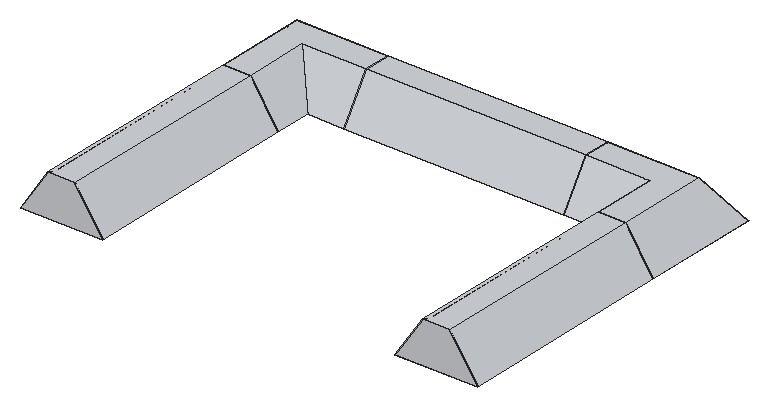
Revit family "BALANCE BEAM COMBO", category Furniture Systems, Revit 2019
Family settings
  Round Connector Dimension = Use Diameter
  Part Type = Normal
  Work Plane-Based = No
  Always vertical = Yes
  Cut with Voids When Loaded = No
  Shared = No
  Room Calculation Point = No
Parameters
  URL = "https://fomcore.com/"
  Model = "BALANCE BEAM COMBO"
  Manufacturer = "FOMCORE"
  Description = "Combo Products -BALANCE BEAM COMBO"
  Balance Beam-3_Side Fabric = none
  Balance Beam-3_Seat Fabric = none
  Balance Beam-2_Side Fabric = none
  Balance Beam-2_Seat Fabric = none
  Balance Beam-1_Side Fabric = none
  Balance Beam-1_Seat Fabric = none
  Balance Beam Corner-2_Side Fabric = none
  Balance Beam Corner-2_Seat Fabric = none
  Balance Beam Corner-1_Side Fabric = none
  Balance Beam Corner-1_Seat Fabric = none
  BALANCE BEAM CORNER = "FK042-26X26X9"
  BALANCE BEAM = "FK041-48X18X9"
Reference planes (in)
  plane 1 "Center F/B": y = 0
  plane 2: z = 0
  plane 3 "Center L/R": x = 0
  plane 4: y = 37
  plane 5: x = 50
  plane 6: x = -50
  plane 7: y = -37
Forms (in)
  Blend 1, solid, material <- "Balance Beam Corner-1_Seat Fabric"
    base sketch origin (-50, 24, 0) x (0.5547, 0, 0.83205) y (0, 1, 0)
      loop
        line (10.81665, 7) -> (0, 13) -> (0, -13) -> (10.81665, -13) -> (10.81665, 7)
    top sketch origin (-50, 24, 0) x (0.5547, 0, 0.83205) y (0, 1, 0)
      loop
        line (10.31665, -12.5) -> (10.31665, 6.70558) -> (0.5, 12.15088) -> (0.5, -12.5) -> (10.31665, -12.5)
    from 0 to -0.14902
  Blend 2, solid, material <- "Balance Beam Corner-1_Seat Fabric"
    base sketch origin (-32, 24, 0) x (-0.5547, 0, 0.83205) y (0, -1, 0)
      loop
        line (10.81665, 13) -> (0, 13) -> (0, 5) -> (10.81665, -1) -> (10.81665, 13)
    top sketch origin (-32, 24, 0) x (-0.5547, 0, 0.83205) y (0, -1, 0)
      loop
        line (10.31665, 12.5) -> (0.5, 12.5) -> (0.5, 5.29442) -> (10.31665, -0.15088) -> (10.31665, 12.5)
    from 0 to -0.14902
  Blend 3, solid, material <- "Balance Beam Corner-1_Seat Fabric"
    base sketch origin (-44, 24, 9) x (1, 0, 0) y (0, 1, 0)
      loop
        line (0, -13) -> (6, -13) -> (6, 1) -> (20, 1) -> (20, 7) -> (0, 7) -> (0, -13)
    top sketch origin (-44, 24, 9) x (1, 0, 0) y (0, 1, 0)
      loop
        line (0.5, -12.5) -> (5.5, -12.5) -> (5.5, 1.5) -> (19.5, 1.5) -> (19.5, 6.5) -> (0.5, 6.5) -> (0.5, -12.5)
    from 0 to -0.16101
  Blend 4, solid, material <- "Balance Beam Corner-1_Seat Fabric"
    base sketch origin (-37, 31, 9) x (0, 0.5547, -0.83205) y (-1, 0, 0)
      loop
        line (0, -13) -> (10.81665, -13) -> (10.81665, 13) -> (0, 7) -> (0, -13)
    top sketch origin (-37, 31, 9) x (0, 0.5547, -0.83205) y (-1, 0, 0)
      loop
        line (0.5, 6.70558) -> (0.5, -12.5) -> (10.31665, -12.5) -> (10.31665, 12.15088) -> (0.5, 6.70558)
    from 0 to -0.27328
  Blend 5, solid, material <- "Balance Beam Corner-1_Seat Fabric"
    base sketch origin (-37, 19, 0) x (0, 0.5547, 0.83205) y (-1, 0, 0)
      loop
        line (10.81665, -13) -> (10.81665, 1) -> (0, -5) -> (0, -13) -> (10.81665, -13)
    top sketch origin (-37, 19, 0) x (0, 0.5547, 0.83205) y (-1, 0, 0)
      loop
        line (10.31665, -12.5) -> (10.31665, 0.15088) -> (0.5, -5.29442) -> (0.5, -12.5) -> (10.31665, -12.5)
    from 0 to -0.31702
  Blend 6, solid, material <- "Balance Beam Corner-1_Side Fabric"
    base sketch origin (-24, 24, 0) x (0, 1, 0) y (0, 0, 1)
      loop
        line (7, 9) -> (1, 9) -> (-5, 0) -> (13, 0) -> (7, 9)
    top sketch origin (-24, 24, 0) x (0, 1, 0) y (0, 0, 1)
      loop
        line (6.73241, 8.5) -> (1.26759, 8.5) -> (-4.06574, 0.5) -> (12.06574, 0.5) -> (6.73241, 8.5)
    from 0 to -0.5
  Blend 7, solid, material <- "Balance Beam Corner-1_Side Fabric"
    base sketch origin (-37, 11, 0) x (1, 0, 0) y (0, 0, 1)
      loop
        line (-7, 9) -> (-13, 0) -> (5, 0) -> (-1, 9) -> (-7, 9)
    top sketch origin (-37, 11, 0) x (1, 0, 0) y (0, 0, 1)
      loop
        line (-1.26759, 8.5) -> (-6.73241, 8.5) -> (-12.06574, 0.5) -> (4.06574, 0.5) -> (-1.26759, 8.5)
    from 0 to -0.5
  Blend 8, solid, material <- "Balance Beam Corner-1_Seat Fabric"
    base sketch origin (-32, 24, 0) x (0, 1, 0) y (-1, 0, 0)
      loop
        line (-13, 0) -> (-5, 0) -> (-5, -8) -> (13, -8) -> (13, 18) -> (-13, 18) -> (-13, 0)
    top sketch origin (-32, 24, 0) x (0, 1, 0) y (-1, 0, 0)
      loop
        line (12.5, -7.5) -> (12.5, 17.5) -> (-12.5, 17.5) -> (-12.5, 0.5) -> (-4.5, 0.5) -> (-4.5, -7.5) -> (12.5, -7.5)
    from 0 to 0.26444
  Sweep 9, solid, material <- "Balance Beam-1_Seat Fabric"
    path origin (24, 28, 0) x (0, 1, 0) y (0, 0, 1)
      loop
        line (-9, 0) -> (9, 0) -> (3, 9) -> (-3, 9) -> (-9, 0)
    profile origin (24, 28, 0) x (0, 0, 1) y (1, 0, 0)
      loop
        line (0, 0) -> (0, -48) -> (0.5, -46.62626) -> (0.5, -1.37374) -> (0, 0)
  Blend 10, solid, material <- "Balance Beam-1_Side Fabric"
    base sketch origin (0, 28, 0) x (0, 1, 0) y (0, 0, 1)
      loop
        line (9, 0) -> (3, 9) -> (-3, 9) -> (-9, 0) -> (9, 0)
    top sketch origin (0, 28, 0) x (0, 1, 0) y (0, 0, 1)
      loop
        line (2.73241, 8.5) -> (-2.73241, 8.5) -> (-8.06574, 0.5) -> (8.06574, 0.5) -> (2.73241, 8.5)
    from 24 to 22.62626
  Blend 11, solid, material <- "Balance Beam-1_Side Fabric"
    base sketch origin (0, 28, 0) x (0, 1, 0) y (0, 0, 1)
      loop
        line (9, 0) -> (3, 9) -> (-3, 9) -> (-9, 0) -> (9, 0)
    top sketch origin (0, 28, 0) x (0, 1, 0) y (0, 0, 1)
      loop
        line (2.73241, 8.5) -> (-2.73241, 8.5) -> (-8.06574, 0.5) -> (8.06574, 0.5) -> (2.73241, 8.5)
    from -24 to -22.62626
  Blend 12, solid, material <- "Balance Beam Corner-2_Seat Fabric"
    base sketch origin (50, 24, 0) x (-0.5547, 0, 0.83205) y (0, -1, 0)
      loop
        line (10.81665, -7) -> (10.81665, 13) -> (0, 13) -> (0, -13) -> (10.81665, -7)
    top sketch origin (50, 24, 0) x (-0.5547, 0, 0.83205) y (0, -1, 0)
      loop
        line (10.31665, 12.5) -> (0.5, 12.5) -> (0.5, -12.15088) -> (10.31665, -6.70558) -> (10.31665, 12.5)
    from 0 to -0.14902
  Blend 13, solid, material <- "Balance Beam Corner-2_Seat Fabric"
    base sketch origin (32, 24, 0) x (0.5547, 0, 0.83205) y (0, 1, 0)
      loop
        line (10.81665, -13) -> (10.81665, 1) -> (0, -5) -> (0, -13) -> (10.81665, -13)
    top sketch origin (32, 24, 0) x (0.5547, 0, 0.83205) y (0, 1, 0)
      loop
        line (10.31665, -12.5) -> (10.31665, 0.15088) -> (0.5, -5.29442) -> (0.5, -12.5) -> (10.31665, -12.5)
    from 0 to -0.14902
  Blend 14, solid, material <- "Balance Beam Corner-2_Seat Fabric"
    base sketch origin (44, 24, 9) x (-1, 0, 0) y (0, -1, 0)
      loop
        line (0, 13) -> (0, -7) -> (20, -7) -> (20, -1) -> (6, -1) -> (6, 13) -> (0, 13)
    top sketch origin (44, 24, 9) x (-1, 0, 0) y (0, -1, 0)
      loop
        line (0.5, 12.5) -> (0.5, -6.5) -> (19.5, -6.5) -> (19.5, -1.5) -> (5.5, -1.5) -> (5.5, 12.5) -> (0.5, 12.5)
    from 0 to -0.16101
  Blend 15, solid, material <- "Balance Beam Corner-2_Seat Fabric"
    base sketch origin (37, 31, 9) x (0, 0.5547, -0.83205) y (-1, 0, 0)
      loop
        line (0, 13) -> (0, -7) -> (10.81665, -13) -> (10.81665, 13) -> (0, 13)
    top sketch origin (37, 31, 9) x (0, 0.5547, -0.83205) y (-1, 0, 0)
      loop
        line (0.5, -6.70558) -> (10.31665, -12.15088) -> (10.31665, 12.5) -> (0.5, 12.5) -> (0.5, -6.70558)
    from 0 to -0.27328
  Blend 16, solid, material <- "Balance Beam Corner-2_Seat Fabric"
    base sketch origin (37, 19, 0) x (0, 0.5547, 0.83205) y (-1, 0, 0)
      loop
        line (10.81665, 13) -> (0, 13) -> (0, 5) -> (10.81665, -1) -> (10.81665, 13)
    top sketch origin (37, 19, 0) x (0, 0.5547, 0.83205) y (-1, 0, 0)
      loop
        line (10.31665, 12.5) -> (0.5, 12.5) -> (0.5, 5.29442) -> (10.31665, -0.15088) -> (10.31665, 12.5)
    from 0 to -0.31702
  Blend 17, solid, material <- "Balance Beam Corner-2_Side Fabric"
    base sketch origin (24, 24, 0) x (0, 1, 0) y (0, 0, -1)
      loop
        line (7, -9) -> (13, 0) -> (-5, 0) -> (1, -9) -> (7, -9)
    top sketch origin (24, 24, 0) x (0, 1, 0) y (0, 0, -1)
      loop
        line (6.73241, -8.5) -> (12.06574, -0.5) -> (-4.06574, -0.5) -> (1.26759, -8.5) -> (6.73241, -8.5)
    from 0 to -0.5
  Blend 18, solid, material <- "Balance Beam Corner-2_Side Fabric"
    base sketch origin (37, 11, 0) x (-1, 0, 0) y (0, 0, -1)
      loop
        line (-7, -9) -> (-1, -9) -> (5, 0) -> (-13, 0) -> (-7, -9)
    top sketch origin (37, 11, 0) x (-1, 0, 0) y (0, 0, -1)
      loop
        line (-1.26759, -8.5) -> (4.06574, -0.5) -> (-12.06574, -0.5) -> (-6.73241, -8.5) -> (-1.26759, -8.5)
    from 0 to -0.5
  Blend 19, solid, material <- "Balance Beam Corner-2_Seat Fabric"
    base sketch origin (32, 24, 0) x (0, -1, 0) y (1, 0, 0)
      loop
        line (13, 0) -> (13, 18) -> (-13, 18) -> (-13, -8) -> (5, -8) -> (5, 0) -> (13, 0)
    top sketch origin (32, 24, 0) x (0, -1, 0) y (1, 0, 0)
      loop
        line (-12.5, -7.5) -> (4.5, -7.5) -> (4.5, 0.5) -> (12.5, 0.5) -> (12.5, 17.5) -> (-12.5, 17.5) -> (-12.5, -7.5)
    from 0 to 0.26444
  Sweep 20, solid, material <- "Balance Beam-2_Seat Fabric"
    path origin (41, -37, 0) x (1, 0, 0) y (0, 0, 1)
      loop
        line (-9, 0) -> (9, 0) -> (3, 9) -> (-3, 9) -> (-9, 0)
    profile origin (41, -37, 0) x (0, 0, 1) y (0, -1, 0)
      loop
        line (0, 0) -> (0, -48) -> (0.5, -46.62626) -> (0.5, -1.37374) -> (0, 0)
  Blend 21, solid, material <- "Balance Beam-2_Side Fabric"
    base sketch origin (41, -13, 0) x (1, 0, 0) y (0, 0, 1)
      loop
        line (9, 0) -> (3, 9) -> (-3, 9) -> (-9, 0) -> (9, 0)
    top sketch origin (41, -13, 0) x (1, 0, 0) y (0, 0, 1)
      loop
        line (2.73241, 8.5) -> (-2.73241, 8.5) -> (-8.06574, 0.5) -> (8.06574, 0.5) -> (2.73241, 8.5)
    from 24 to 22.62626
  Blend 22, solid, material <- "Balance Beam-2_Side Fabric"
    base sketch origin (41, -13, 0) x (1, 0, 0) y (0, 0, 1)
      loop
        line (9, 0) -> (3, 9) -> (-3, 9) -> (-9, 0) -> (9, 0)
    top sketch origin (41, -13, 0) x (1, 0, 0) y (0, 0, 1)
      loop
        line (2.73241, 8.5) -> (-2.73241, 8.5) -> (-8.06574, 0.5) -> (8.06574, 0.5) -> (2.73241, 8.5)
    from -24 to -22.62626
  Sweep 23, solid, material <- "Balance Beam-3_Seat Fabric"
    path origin (-41, -37, 0) x (-1, 0, 0) y (0, 0, -1)
      loop
        line (-9, 0) -> (-3, -9) -> (3, -9) -> (9, 0) -> (-9, 0)
    profile origin (-41, -37, 0) x (0, 0, -1) y (0, -1, 0)
      loop
        line (0, 0) -> (-0.5, -1.37374) -> (-0.5, -46.62626) -> (0, -48) -> (0, 0)
  Blend 24, solid, material <- "Balance Beam-3_Side Fabric"
    base sketch origin (-41, -13, 0) x (-1, 0, 0) y (0, 0, -1)
      loop
        line (9, 0) -> (-9, 0) -> (-3, -9) -> (3, -9) -> (9, 0)
    top sketch origin (-41, -13, 0) x (-1, 0, 0) y (0, 0, -1)
      loop
        line (2.73241, -8.5) -> (8.06574, -0.5) -> (-8.06574, -0.5) -> (-2.73241, -8.5) -> (2.73241, -8.5)
    from 24 to 22.62626
  Blend 25, solid, material <- "Balance Beam-3_Side Fabric"
    base sketch origin (-41, -13, 0) x (-1, 0, 0) y (0, 0, -1)
      loop
        line (9, 0) -> (-9, 0) -> (-3, -9) -> (3, -9) -> (9, 0)
    top sketch origin (-41, -13, 0) x (-1, 0, 0) y (0, 0, -1)
      loop
        line (2.73241, -8.5) -> (8.06574, -0.5) -> (-8.06574, -0.5) -> (-2.73241, -8.5) -> (2.73241, -8.5)
    from -24 to -22.62626
Dimensions and locks (in)
  plane 4 to plane 7 = 6' - 2"
  plane 6 to plane 5 = 8' - 4"
  aligned and locked: level to plane 2
